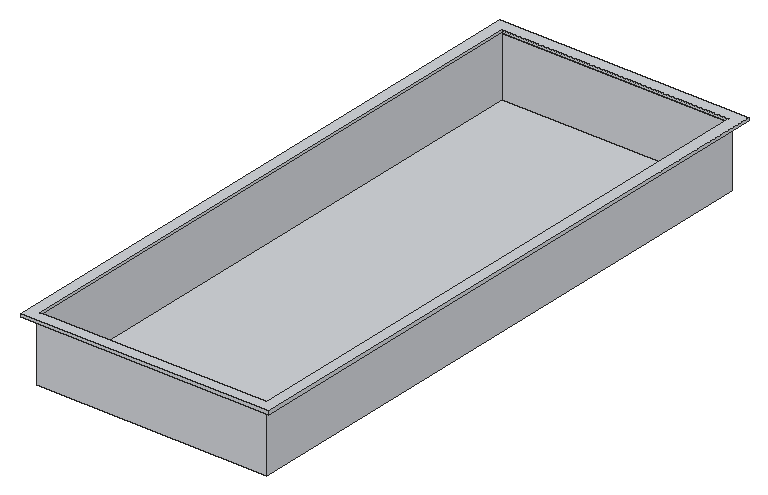
Revit family "Hager-Volta-IP30-Flush_mounted-vuoto-CH-it", category Electrical Equipment, host Face, Revit 2020
Family settings
  Host = Face
  Panel Configuration = Two Columns, Circuits Across
  Round Connector Dimension = Use Diameter
  Part Type = Panelboard
  Cut with Voids When Loaded = No
  Shared = No
  Room Calculation Point = No
Parameters (values of type "incassato  L348 A880 P94.5 12 Unità di divisione - VU60NK")
  Width Control [instance] = if([HG000006 - Ad incasso], if([EF000846 - larghezza di montaggio] > min_whd, [EF000846 - larghezza di montaggio], min_whd), if([EF000008 - Larghezza] > min_whd, ([EF000008 - Larghezza]), min_whd))  # 335 mm
  Void Depth [instance] = if([HG000006 - Ad incasso], Depth Control, 1 mm)  # 90 mm
  Type Comments = [HG000003 - Gamma]  # "Volta"
  System Height [instance] = Height Control - 2 * [HG000005 - Spessore]  # 840 mm
  Model = [HG000004 - Codice produttore]  # "VU60NK"
  HG000017 - Distanza tra i poli = 18 mm
  HG000016 - Visibilità delle porte nella vista 3D [instance] = yes
  HG000015 - Visibilità attraverso la porta [instance] = no
  HG000014 - Porta destra [instance] = yes
  HG000013 - Porta sinistra [instance] = not([HG000014 - Porta destra])  # no
  HG000012 - Angolo di apertura della porta [instance] = 45.00°
  HG000011 - File vuote nella parte basse = no
  HG000010 - Porte asimmetriche = no
  HG000009 - Porta doppia a battente = no
  HG000008 - Numero di file vuote = 0
  HG000007 - Numero di colonne vuote = 0
  HG000006 - Ad incasso = yes
  HG000005 - Spessore = 3 mm  # constant formula
  HG000004 - Codice produttore = "VU60NK"
  HG000003 - Gamma = "Volta"
  HG000002 - Con porta = no
  HG000001 - Numero di colonne = 0
  EF015941 - Segnale di passaggio porta = no
  EF015777 - Morsettiera neutra = no
  EF015776 - Morsettiera di terra = no
  EF009212 - esecuzione coperchio = "EV000116 - chiuso"
  EF006306 - con serratura = no
  EF006244 - coperchio/porta trasparente = no
  EF005474 - grado di protezione (IP) = ""
  EF004462 - tipo di chiusura = ""
  EF002950 - Numero moduli DIN = 12
  EF001596 - Attacco Lampada = "EV000139 - plastica"
  EF001134 - barra DIN = no
  EF001131 - profondità interna = 92 mm
  EF001088 - possibilità di applicazione = yes
  EF001062 - esecuzione EMC = yes
  EF000846 - larghezza di montaggio = 335 mm
  EF000339 - tipo di copertura = ""
  EF000332 - Altezza della parte incassata = 846 mm
  EF000266 - numero di file = 5
  EF000218 - profondità di incasso = 90 mm
  EF000118 - con piastra di montaggio = no
  EF000116 - numero RAL = "7035"
  EF000049 - profondità = 94 mm
  EF000040 - Altezza = 880 mm
  EF000008 - Larghezza = 348 mm
  EF000007 - colore = "EV000270 - grigio"
  EF000003 - Tipo di montaggio = "EV000383 - incassato"
  Arrow Offset [instance] = Depth Control / 8  # 11.25 mm
  Arrow Height [instance] = Depth Control - Arrow Offset  # 78.75 mm
  Host Offset [instance] = if([HG000006 - Ad incasso], 0 mm, [EF000049 - profondità])  # 0 mm
  min_whd [instance] = (2 * [HG000005 - Spessore]) + 1 mm  # 7 mm
  Manufacturer = "Hager"  # constant formula
  Height Control [instance] = if([HG000006 - Ad incasso], if([EF000332 - Altezza della parte incassata] > min_whd, [EF000332 - Altezza della parte incassata], min_whd), if([EF000040 - Altezza] > min_whd, ([EF000040 - Altezza]), min_whd))  # 846 mm
  Flush Mounted - Door Frame Width [instance] = if(([EF000040 - Altezza] - [EF000332 - Altezza della parte incassata]) > 0 mm, if([HG000006 - Ad incasso], [EF000040 - Altezza] - [EF000332 - Altezza della parte incassata], 0 mm), 0 mm)  # 34 mm
  Depth Control [instance] = if([HG000006 - Ad incasso], if([EF000218 - profondità di incasso] > 0 mm, [EF000218 - profondità di incasso], 1 mm), if([EF000049 - profondità] > 0 mm, ([EF000049 - profondità]), 1 mm))  # 90 mm
  Default Elevation = 0 mm
Types (5, lengths in mm): name | System Height | Model | HG000004 - Codice produttore | EF000332 - Altezza della parte incassata | EF000266 - numero di file | EF000040 - Altezza | EF000008 - Larghezza | Height Control | Flush Mounted - Door Frame Width
  incassato  L330 A355 P94.5 12 Unità di divisione - VU12NK | 340 | "VU12NK" | "VU12NK" | 346 | 1 | 355 | 330 | 346 | 9
  incassato  L330 A484 P94.5 12 Unità di divisione - VU24NK | 465 | "VU24NK" | "VU24NK" | 471 | 2 | 484 | 330 | 471 | 13
  incassato  L330 A609 P94.5 12 Unità di divisione - VU36NK | 590 | "VU36NK" | "VU36NK" | 596 | 3 | 609 | 330 | 596 | 13
  incassato  L330 A734 P94.5 12 Unità di divisione - VU48NK | 715 | "VU48NK" | "VU48NK" | 721 | 4 | 734 | 330 | 721 | 13
  incassato  L348 A880 P94.5 12 Unità di divisione - VU60NK | 840 | "VU60NK" | "VU60NK" | 846 | 5 | 880 | 348 | 846 | 34
Reference planes
  plane 1 "Center (Front/Back)": y = 0
  plane 2: z = 0
  plane 3 "Center (Left/Right)": x = 0
  plane 4: z = 0
  plane 5: y = 37
  plane 6: z = -5
  plane 7: y = 457
  plane 8: y = 34
  plane 9: y = 880
  plane 10: z = -90
  plane 11: x = -167.5
  plane 12: x = 167.5
  plane 13: x = 164.5
  plane 14: x = -164.5
  plane 15: y = 877
  plane 16: z = -87
  plane 17: z = -3
  plane 18: z = -90
  plane 19: z = -3
Forms (mm)
  Extrusion 1, solid
    sketch origin (-583.045, 34, 1219.2) x (-1, 0, 0) y (0, 0, 1)
      loop
        line (-415.545, -1219.2) -> (-750.545, -1219.2) -> (-750.545, -1309.2) -> (-415.545, -1309.2) -> (-415.545, -1219.2)
    from 0 to 846 <- "Height Control"
  Extrusion 2, void
    sketch origin (-381.607, -4572, 0) x (0, -1, 0) y (-1, 0, 0)
      loop
        line (-5449, -217.107) -> (-5449, -546.107) -> (-4609, -546.107) -> (-4609, -217.107) -> (-5449, -217.107)
    from 0 to 87
  Extrusion 3, void
    sketch origin (0, 0, 0) x (1, 0, 0) y (0, 1, 0)
      loop
        line (-167.5, 34) -> (167.5, 34) -> (167.5, 880) -> (-167.5, 880) -> (-167.5, 34)
    from -90 to 1
  Extrusion 4, solid, detail levels coarse+medium
    sketch origin (-381.607, -4572, 0) x (-1, 0, 0) y (0, -1, 0)
      loop
        line (-217.107, -5449) -> (-217.107, -4609) -> (-546.107, -4609) -> (-546.107, -5449) -> (-217.107, -5449)
    from 0 to -3
Cuts and joins
  Extrusion 2 cuts Extrusion 1
Dimensions and locks
  plane 4 to plane 6 = 5 mm
  "Host Offset": plane 4 to host face
  "Flush Mounted - Door Frame Width": plane 1 "Center (Front/Back)" to plane 8
  "HG000005 - Spessore": plane 5 to plane 8
  locked: connector elem to plane 3 "Center (Left/Right)"
  "Height Control": plane 9 to plane 8
  equal spacing: plane 9, plane 7, plane 8
  locked: connector elem to plane 7
  "Depth Control": plane 4 to plane 10
  "HG000005 - Spessore": plane 11 to plane 14
  "HG000005 - Spessore": plane 12 to plane 13
  equal spacing: plane 11, plane 3 "Center (Left/Right)", plane 12
  "Width Control": plane 11 to plane 12
  "Arrow Offset": nested 4 to plane 10
  "HG000005 - Spessore": plane 9 to plane 15
  "HG000005 - Spessore": plane 16 to plane 10
  "HG000005 - Spessore": plane 4 to plane 17
  "Void Depth": plane 2 to plane 18
  "HG000005 - Spessore": plane 4 to plane 19
  aligned and locked: plane 2 to host face
  aligned and locked: level to host face
  aligned and locked: plane 3 "Center (Left/Right)" to nested 2
  aligned and locked: plane 4 to nested 2
  aligned and locked: nested 2 to plane 8
  aligned and locked: nested 1 to plane 6
  aligned and locked: plane 5 to nested 1
  aligned and locked: nested 4 to plane 11
  aligned and locked: nested 3 to plane 4
  aligned and locked: Extrusion 1 sketch curve to plane 12
  aligned and locked: Extrusion 1 sketch curve to plane 11
  aligned and locked: nested 3 to plane 10
  aligned and locked: plane 10 to Extrusion 1 sketch curve
  aligned and locked: plane 5 to Extrusion 2 sketch curve
  aligned and locked: Extrusion 2 sketch curve to plane 15
  aligned and locked: Extrusion 2 sketch curve to plane 14
  aligned and locked: Extrusion 2 sketch curve to plane 13
  aligned and locked: plane 11 to Extrusion 3 sketch curve
  aligned and locked: plane 9 to Extrusion 3 sketch curve
  aligned and locked: Extrusion 3 sketch curve to plane 8
  aligned and locked: plane 12 to Extrusion 3 sketch curve
  aligned and locked: nested 3 to plane 12
  aligned and locked: Extrusion 3 to plane 18
  aligned and locked: Extrusion 2 to plane 16
  aligned and locked: Extrusion 1 sketch curve to plane 4
  aligned and locked: Extrusion 4 to plane 17
  aligned and locked: Extrusion 4 sketch curve to plane 15
  aligned and locked: Extrusion 4 sketch curve to plane 13
  aligned and locked: Extrusion 4 sketch curve to plane 14
  aligned and locked: plane 5 to Extrusion 4 sketch curve
Automatic sketch dimensions
  host sketch curve to host sketch curve = 1469.727 mm
  host sketch curve to host sketch curve = 1434.803 mm
Nested families
  nested 1: "Hager_Enclosure_System" at (0, 37, -5) x (1, 0, 0) z (0, 1, 0), Depth <- "HG000005 - Spessore", Height <- "System Height", Width <- "EF000008 - Larghezza", Border <- "HG000005 - Spessore", Flush_Mounted <- "HG000006 - Ad incasso", Built-in_Width <- "EF000846 - larghezza di montaggio", Row_Module_Multiplicator <- "EF002950 - Numero moduli DIN", Total_No_Empty_Rows <- "HG000008 - Numero di file vuote", Total_No_Rows <- "EF000266 - numero di file", Empty_Columns <- "HG000007 - Numero di colonne vuote", Width_Control <- "Width Control", Empty_Rows_From_Bottom <- "HG000011 - File vuote nella parte basse", Distance_Between_Poles <- "HG000017 - Distanza tra i poli", Rows_Count <- "EF000266 - numero di file", Columns_Count <- "HG000001 - Numero di colonne", type "Hager_Enclosure_System", detail levels fine
    with Width_Control 335 mm, Width 348 mm, Total_No_Rows 5, Total_No_Empty_Rows 0, Total_No_Columns 1, System_Width 329 mm, Rows_Count 5, Rows_Column 5, Row_Module_Multiplicator 12, Panel_4 no, Panel_3 no, Panel_2 no, Panel_1 no, No_Panels_Ctrl 1, Hide_Columns yes, Height 840 mm, Flush_Mounted yes, Empty_Rows_From_Bottom no, Empty_Rows_Column 0, Empty_Columns 0, Distance_Between_Poles 18 mm, Depth 3 mm, Columns_Count 0, Column_Width 329 mm, Built-in_Width 335 mm, Border 3 mm
  nested 2: "Hager_Enclosure_Door" at (0, 34, 0) x (1, 0, 0) z (0, 1, 0), Border <- "HG000005 - Spessore", Door_Right <- "HG000014 - Porta destra", Flush_Mounted <- "HG000006 - Ad incasso", Depth <- "EF000049 - profondità", Width <- "EF000008 - Larghezza", Door_Left <- "HG000013 - Porta sinistra", 3d_Door <- "HG000016 - Visibilità delle porte nella vista 3D", BuiltIn_Width <- "EF000846 - larghezza di montaggio", BuiltIn_Height <- "EF000332 - Altezza della parte incassata", BuiltIn_Depth <- "EF000218 - profondità di incasso", Angle <- "HG000012 - Angolo di apertura della porta", Assymetrical <- "HG000010 - Porte asimmetriche", Double <- "HG000009 - Porta doppia a battente", Clearance <- "HG000015 - Visibilità attraverso la porta", Transparent <- "EF006244 - coperchio/porta trasparente", Door <- "HG000002 - Con porta", Height_Ctrl <- "Height Control", Width_Ctrl <- "Width Control", Height <- "EF000040 - Altezza", type "Hager_Enclosure_Door", detail levels medium+fine
    with min_wh 7 mm, Width_Ctrl 335 mm, Width 348 mm, Transparent_Door_No_Bottom_Border no, Transparent no, Leaf_Width 326 mm, Leaf_Tolerance 1.5 mm, Leaf_Height 837 mm, Leaf_2_Width 326 mm, Leaf_2_Offset 163 mm, Leaf_1_Width 326 mm, Leaf_1_Offset 163 mm, Height_Ctrl 846 mm, Height 880 mm, Frame_Width_Ctrl 13 mm, Frame_Width 13 mm, Frame_Internal_Offset 3 mm, Frame_Height_Ctrl 34 mm, Frame_Height 34 mm, Frame_Depth_Ctrl 4 mm, Frame_Depth 4 mm, Flush_Mounted yes, Double_Clearance_Ctrl no, Double no, Door_Right_Ctrl no, Door_Right yes, Door_Left_Ctrl no, Door_Left no, Door no, Depth 94 mm, Clearance_Depth 326 mm, Clearance_Ctrl no, Clearance no, BuiltIn_Width 335 mm, BuiltIn_Height 846 mm, BuiltIn_Depth 90 mm, Border 3 mm, Assymetrical no, Angle 45.00°, 3d_Door yes
  nested 3: "Hager_Enclosure_Symbol_Triangle" at (-167.5, 0, -90) x (1, 0, 0) z (0, -1, 0), Depth <- "Depth Control", Width <- "Width Control", type "Hager_Enclosure_Symbol_Triangle"
    with Width_Ctrl 335 mm, Width 335 mm, Depth_Ctrl 90 mm, Depth 90 mm
  nested 4: "Hager_Enclosure_Symbol_Arrow" at (-167.5, 0, -78.75) x (1, 0, 0) z (0, -1, 0), Height <- "Arrow Height", type "Hager_Enclosure_Symbol_Arrow"
    with Width_Inside 5.906 mm, Width 70.875 mm, Height_Ctrl 78.75 mm, Height 78.75 mm
Connectors
  electrical at (0, 457, -90)
    settings: on plane 10, index 1, voltage 0 V, apparent load 0 VA, apparent load phase1 0 VA, apparent load phase2 0 VA, apparent load phase3 0 VA, power factor 1, load classification "Other", number of poles 1, system type 30, power factor state 1, is connector primary yes, connector utility no, sub classification motor no, connector description ""
Definition of nested family "Hager_Enclosure_Door"
  Parameters (values of type "Hager_Enclosure_Door")
    min_wh [instance] = (2 * Border) + 1 mm  # 11 mm
    Width_Ctrl [instance] = 400 mm
    Width [instance] = 500 mm
    Transparent_Door_No_Bottom_Border [instance] = no
    Transparent [instance] = yes
    Leaf_Width [instance] = if((Width_Ctrl - 2 * Border - 2 * Leaf_Tolerance) > 0 mm, (Width_Ctrl - 2 * Border - 2 * Leaf_Tolerance), min_wh)  # 387 mm
    Leaf_Tolerance [instance] = 1.5 mm  # constant formula
    Leaf_Height [instance] = if((Height_Ctrl - 2 * Border - 2 * Leaf_Tolerance) > 0 mm, (Height_Ctrl - 2 * Border - 2 * Leaf_Tolerance), min_wh)  # 387 mm
    Leaf_2_Width [instance] = if(and(and(Double, Assymetrical), Door_Left), (Leaf_Width / 3) - (Leaf_Tolerance / 2), if(and(and(Double, Assymetrical), Door_Right), (Leaf_Width / 3) * 2 - (Leaf_Tolerance / 2), if(and(Double, not(Assymetrical)), (Leaf_Width / 2) - Leaf_Tolerance, Leaf_Width)))  # 387 mm
    Leaf_2_Offset [instance] = if(and(Double, Assymetrical), Leaf_2_Width / 2, if(and(Double, not(Assymetrical)), Leaf_Width / 4, Leaf_Width / 2))  # 193.5 mm
    Leaf_1_Width [instance] = if(and(and(Double, Assymetrical), Door_Right), (Leaf_Width / 3) - (Leaf_Tolerance / 2), if(and(and(Double, Assymetrical), Door_Left), (Width / 3) * 2 - (Leaf_Tolerance / 2), if(and(Double, not(Assymetrical)), (Leaf_Width / 2) - Leaf_Tolerance, Leaf_Width)))  # 387 mm
    Leaf_1_Offset [instance] = if(and(Double, Assymetrical), Leaf_1_Width / 2, if(and(Double, not(Assymetrical)), Leaf_Width / 4, Leaf_Width / 2))  # 193.5 mm
    Height_Ctrl [instance] = 400 mm
    Height [instance] = 500 mm
    Frame_Width_Ctrl [instance] = if(Frame_Width > 0 mm, Frame_Width, 1 mm)  # 1 mm
    Frame_Width [instance] = Width - BuiltIn_Width  # 0 mm
    Frame_Internal_Offset [instance] = if(Flush_Mounted, Border, 0 mm)  # 5 mm
    Frame_Height_Ctrl [instance] = if(Frame_Height > 0 mm, Frame_Height, 1 mm)  # 1 mm
    Frame_Height [instance] = Height - BuiltIn_Height  # 0 mm
    Frame_Depth_Ctrl [instance] = if(Frame_Depth > 0 mm, Frame_Depth, 1 mm)  # 1 mm
    Frame_Depth [instance] = if(Depth - BuiltIn_Depth > 0 mm, if(Flush_Mounted, Depth - BuiltIn_Depth, 0 mm), 0 mm)  # 0 mm
    Flush_Mounted [instance] = yes
    Double_Clearance_Ctrl [instance] = and(Double, Clearance)  # no
    Double [instance] = no
    Door_Right_Ctrl [instance] = and(or(Door_Right, Double), Door)  # yes
    Door_Right [instance] = yes
    Door_Left_Ctrl [instance] = and(or(Door_Left, Double), Door)  # no
    Door_Left [instance] = no
    Door [instance] = yes
    Depth [instance] = 500 mm
    Default Elevation = 1219.2 mm
    Clearance_Material = none
    Clearance_Depth [instance] = if(Leaf_1_Width > Leaf_2_Width, Leaf_1_Width, Leaf_2_Width)  # 387 mm
    Clearance_Ctrl [instance] = and(not(Double), Clearance)  # yes
    Clearance [instance] = yes
    BuiltIn_Width [instance] = 500 mm
    BuiltIn_Height [instance] = 500 mm
    BuiltIn_Depth [instance] = 500 mm
    Border [instance] = 5 mm
    Assymetrical [instance] = yes
    Angle [instance] = 30.00°
    3d_Door [instance] = yes
  Reference planes
    plane 1 "Center (Front/Back)": y = 0
    plane 2 "Bottom": z = 0
    plane 3 "Center (Left/Right)": x = 0
    plane 4: z = 400
    plane 5: x = -200
    plane 6: x = 200
    plane 7: z = 395
    plane 8: x = -195
    plane 9: z = 5
    plane 10: x = 195
    plane 11: y = 0
    plane 12: z = 6.5
    plane 13: x = -582
    plane 14: y = -387
    plane 15: x = 582
    plane 16: x = 0
    plane 17: x = 0
    plane 18: x = -193.5
    plane 19: x = 193.5
    plane 20: z = 393.5
  Forms (mm)
    Extrusion 1, solid, visible <- "Flush_Mounted"
      sketch origin (0, 0, 0) x (1, 0, 0) y (0, 0, 1)
        loop
          line (195, 5) -> (195, 395) -> (-195, 395) -> (-195, 5) -> (195, 5)
        loop
          line (-201, 401) -> (-201, -1) -> (201, -1) -> (201, 401) -> (-201, 401)
      from 0 to 1 <- "Frame_Depth_Ctrl"
    Extrusion 2, solid, material <- "Clearance_Material", visible <- "Double_Clearance_Ctrl"
      sketch origin (1200, 0, 0) x (1, 0, 0) y (0, 0, -1)
        loop
          line (-1782, -393.5) -> (-618, -393.5) -> (-618, 0) -> (-1782, 0) -> (-1782, -393.5)
      from 0 to -387
  Dimensions and locks
    equal spacing: plane 5, plane 3 "Center (Left/Right)", plane 6
    "Width_Ctrl": plane 5 to plane 6
    "Border": plane 5 to plane 8
    "Border": plane 6 to plane 10
    "Border": plane 9 to level
    "Border": plane 4 to plane 7
    "Height_Ctrl": plane 4 to level
    "Leaf_Tolerance": plane 12 to plane 9
    "Frame_Depth": plane 11 to plane 1 "Center (Front/Back)"
    "Frame_Width_Ctrl": plane 5 to Extrusion 1 sketch curve
    "Frame_Width_Ctrl": plane 6 to Extrusion 1 sketch curve
    "Frame_Width_Ctrl": Extrusion 1 sketch curve to plane 4
    "Frame_Width_Ctrl": plane 2 "Bottom" to Extrusion 1 sketch curve
    "Leaf_1_Offset": plane 18 to plane 16
    "Leaf_2_Offset": plane 17 to plane 19
    "Leaf_1_Width": plane 13 to plane 8
    "Leaf_2_Width": plane 10 to plane 15
    "Clearance_Depth": plane 14 to plane 1 "Center (Front/Back)"
    "Leaf_Tolerance": plane 8 to plane 18
    "Leaf_Tolerance": plane 19 to plane 10
    "Leaf_Tolerance": plane 7 to plane 20
    "Frame_Internal_Offset": plane 5 to Extrusion 1 sketch curve
    "Frame_Internal_Offset": Extrusion 1 sketch curve to plane 2 "Bottom"
    "Frame_Internal_Offset": plane 6 to Extrusion 1 sketch curve
    "Frame_Internal_Offset": plane 4 to Extrusion 1 sketch curve
    aligned and locked: level to plane 2 "Bottom"
    aligned and locked: nested 1 to plane 16
    aligned and locked: nested 2 to plane 17
    aligned and locked: Extrusion 2 to plane 13
    aligned and locked: plane 15 to Extrusion 2
    aligned and locked: Extrusion 2 to plane 14
    aligned and locked: plane 12 to nested 1
    aligned and locked: nested 2 to plane 12
    aligned and locked: Extrusion 2 to plane 11
    aligned and locked: plane 20 to Extrusion 2
    aligned and locked: nested 2 to plane 11
    aligned and locked: nested 1 to plane 11
  Automatic sketch dimensions
    Extrusion 2 sketch curve to level = 0 mm
    plane 5 to Extrusion 2 sketch curve = 382 mm
    plane 6 to Extrusion 2 sketch curve = 382 mm
    Extrusion 2 sketch curve to plane 4 = 6.5 mm
  Nested families
    nested 1: "Hager_Enclosure_Door_Leaf" at (0, 0, 6.5), Width <- "Leaf_1_Width", visible <- "Door_Left_Ctrl", Leaf_Height <- "Leaf_Height", Angle <- "Angle", Depth <- "Border", 3d_Door <- "3d_Door", Transparent <- "Transparent", Clearance Material <- "Clearance_Material", Clearance <- "Clearance_Ctrl", Transparent_Door_No_Bottom_Border <- "Transparent_Door_No_Bottom_Border", type "Hager_Enclosure_Door_Leaf"
      with Width 387 mm, Transparent_Door_No_Bottom_Border no, Transparent_Door_Border_Bottom_Top 25 mm, Transparent_Door_Border 25 mm, Transparent_Ctrl yes, Transparent yes, Standard no, Leaf_Height 387 mm, Glass_Offset 1 mm, Depth 5 mm, Clearance Material none, Clearance yes, Angle_Ctrl 30.00°, Angle 30.00°, 3d_Door yes
    nested 2: "Hager_Enclosure_Door_Leaf" at (0, 0, 6.5) x (-1, 0, 0) z (0, 0, 1), Width <- "Leaf_2_Width", visible <- "Door_Right_Ctrl", Leaf_Height <- "Leaf_Height", Angle <- "Angle", Depth <- "Border", 3d_Door <- "3d_Door", Transparent <- "Transparent", Clearance Material <- "Clearance_Material", Clearance <- "Clearance_Ctrl", Transparent_Door_No_Bottom_Border <- "Transparent_Door_No_Bottom_Border", type "Hager_Enclosure_Door_Leaf"
      with Width 387 mm, Transparent_Door_No_Bottom_Border no, Transparent_Door_Border_Bottom_Top 25 mm, Transparent_Door_Border 25 mm, Transparent_Ctrl yes, Transparent yes, Standard no, Leaf_Height 387 mm, Glass_Offset 1 mm, Depth 5 mm, Clearance Material none, Clearance yes, Angle_Ctrl 30.00°, Angle 30.00°, 3d_Door yes
  Definition of nested family "Hager_Enclosure_Door_Leaf"
    Parameters (values of type "Hager_Enclosure_Door_Leaf")
      Width [instance] = 2000 mm
      Transparent_Door_No_Bottom_Border [instance] = yes
      Transparent_Door_Border_Bottom_Top [instance] = if(Transparent_Door_No_Bottom_Border, 0.1 mm, Transparent_Door_Border)  # 0.1 mm
      Transparent_Door_Border [instance] = if(Transparent_Door_No_Bottom_Border, (Width * 0.12), 25 mm)  # 240 mm
      Transparent_Ctrl [instance] = and(Transparent, [3d_Door])  # yes
      Transparent [instance] = yes
      Standard [instance] = and(not(Transparent), [3d_Door])  # no
      Leaf_Height [instance] = 2720.336 mm
      Glass_Offset [instance] = if((Depth - 10 mm) / 2 > 0 mm, (Depth - 10 mm) / 2, 1 mm)  # 15 mm
      Glass_Material = none
      Depth [instance] = 40 mm
      Default Elevation = 0 mm
      Clearance Material [instance] = none
      Clearance [instance] = yes
      Angle_Ctrl [instance] = if(Angle > 170.00°, 170.00°, Angle)  # 45.00°
      Angle [instance] = 45.00°
      3d_Door [instance] = yes
    Reference planes
      plane 1 "Center (Front/Back)": y = 0
      plane 2: z = 0
      plane 3 "Center (Left/Right)": x = 0
      plane 4: y = 2000
      plane 5: x = -1000
      plane 6: x = 1000
      plane 7: x = -3000
      plane 8: z = 2720.336
      plane 9: z = 0.1
      plane 10: z = 2720.236
      plane 11: x = 760
      plane 12: x = -760
    Forms (mm)
      Extrusion 1, solid, material <- "Clearance Material", visible <- "Clearance"
        sketch origin (0, 0, 0) x (1, 0, 0) y (0, 0, 1)
          loop
            line (-3000, 2720.336) -> (-3000, 0) -> (1000, 0) -> (1000, 2720.336) -> (-3000, 2720.336)
        from 0 to -2000
      Extrusion 2, solid, visible <- "Standard", detail levels medium+fine
        sketch origin (-1000, 0, 0) x (0.707107, 0.707107, 0) y (-0.707107, 0.707107, 0)
          loop
            line (0, -40) -> (2000, -40) -> (2000, 0) -> (0, 0) -> (0, -40)
        from 0 to 2720.336 <- "Leaf_Height"
      Extrusion 3, solid, visible <- "Transparent_Ctrl", detail levels medium+fine
        sketch origin (-1000, 0, 0) x (0.707107, 0.707107, 0) y (-0.707107, 0.707107, 0)
          loop
            line (0, -40) -> (2000, -40) -> (2000, 0) -> (0, 0) -> (0, -40)
        from 0 to 2720.336 <- "Leaf_Height"
      Extrusion 4, void, detail levels medium+fine
        sketch origin (-1000, 0, 0) x (-0.707107, 0.707107, 0) y (0.707107, 0.707107, 0)
          loop
            line (0, 240) -> (0, 1760) -> (-40, 1760) -> (-40, 240) -> (0, 240)
        from -2720.236 to -0.1
      Extrusion 5, solid, material <- "Glass_Material", visible <- "Transparent_Ctrl", detail levels medium+fine
        sketch origin (-1000, 0, 0) x (0.707107, 0.707107, 0) y (-0.707107, 0.707107, 0)
          loop
            line (240, -15) -> (240, -25) -> (1760, -25) -> (1760, -15) -> (240, -15)
        from 0.1 to 2720.236
    Cuts and joins
      Extrusion 4 cuts Extrusion 3
    Lines and regions (mm)
      symbolic lines
        curve 1: line (1000, 0, 0) -> (-3000, 0, 0)
        curve 2: arc (1000, 0, 0) -> (-1000, 2000, 0) -> (-3000, 0, 0) r 2000
        curve 4: line (-1000, 0, 0) -> (414.214, 1414.214, 0)
      reference lines
        curve 3: line (-1000, 0, 0) -> (414.214, 1414.214, 0)
      symbolic lines, detail levels medium+fine
        curve 5: line (414.214, 1414.214, 0) -> (442.498, 1385.929, 0)
        curve 6: line (442.498, 1385.929, 0) -> (-971.716, -28.284, 0)
        curve 7: line (-971.716, -28.284, 0) -> (-1000, 0, 0)
        curve 8: line (-1000, 0, 2720.336) -> (1000, 0, 2720.336)
        curve 9: line (-1000, 0, 0) -> (-1000, 0, 2720.336)
        curve 10: line (1000, 0, 0) -> (-1000, 0, 0)
        curve 11: line (1000, 0, 2720.336) -> (1000, 0, 0)
      symbolic lines, visible <- "Transparent_Ctrl", detail levels medium+fine
        curve 12: line (-760, 0, 2720.236) -> (760, 0, 2720.236)
        curve 13: line (-760, 0, 0.1) -> (-760, 0, 2720.236)
        curve 14: line (760, 0, 0.1) -> (-760, 0, 0.1)
        curve 15: line (760, 0, 2720.236) -> (760, 0, 0.1)
    Dimensions and locks
      "Width": plane 1 "Center (Front/Back)" to plane 4
      equal spacing: plane 5, plane 3 "Center (Left/Right)", plane 6
      "Width": plane 5 to plane 6
      "Width": plane 7 to plane 5
      "Leaf_Height": plane 8 to level
      "Depth": curve 6 to curve 3
      "Width": curve 5 to curve 3
      "Width": curve 3 to curve 3
      "Transparent_Door_Border": Extrusion 4 sketch curve to curve 7
      "Transparent_Door_Border": Extrusion 4 sketch curve to curve 5
      "Transparent_Door_Border_Bottom_Top": plane 8 to plane 10
      "Transparent_Door_Border_Bottom_Top": plane 9 to level
      "Glass_Offset": Extrusion 5 sketch curve to curve 4
      "Glass_Offset": Extrusion 5 sketch curve to curve 6
      "Transparent_Door_Border": Extrusion 5 sketch curve to curve 5
      "Transparent_Door_Border": Extrusion 5 sketch curve to curve 7
      "Transparent_Door_Border": plane 12 to plane 5
      "Transparent_Door_Border": plane 6 to plane 11
      "Angle_Ctrl": angle plane 1 "Center (Front/Back)" to curve 3
      aligned and locked: level to plane 2
      aligned and locked: Extrusion 1 to curve 1
      aligned and locked: plane 6 to Extrusion 1
      aligned and locked: Extrusion 1 to plane 1 "Center (Front/Back)"
      aligned and locked: plane 4 to Extrusion 1
      aligned and locked: plane 8 to Extrusion 1
      aligned and locked: curve 4 to curve 3
      aligned and locked: Extrusion 2 sketch curve to curve 7
      aligned and locked: Extrusion 2 sketch curve to curve 6
      aligned and locked: Extrusion 2 sketch curve to curve 5
      aligned and locked: Extrusion 2 sketch curve to curve 3
      aligned and locked: curve 7 to Extrusion 3 sketch curve
      aligned and locked: Extrusion 3 sketch curve to curve 4
      aligned and locked: Extrusion 3 sketch curve to curve 6
      aligned and locked: Extrusion 3 sketch curve to curve 5
      aligned and locked: curve 4 to Extrusion 4 sketch curve
      aligned and locked: curve 6 to Extrusion 4 sketch curve
      aligned and locked: Extrusion 4 to plane 9
      aligned and locked: Extrusion 4 to plane 10
      aligned and locked: Extrusion 5 to plane 9
      aligned and locked: Extrusion 5 to plane 10
      aligned and locked: curve 8 to plane 8
      aligned and locked: plane 5 to curve 9
      aligned and locked: plane 2 to curve 10
      aligned and locked: curve 11 to plane 6
      aligned and locked: plane 10 to curve 12
      aligned and locked: plane 12 to curve 13
      aligned and locked: curve 14 to plane 9
      aligned and locked: plane 11 to curve 15
    Automatic sketch dimensions
      plane 1 "Center (Front/Back)" to curve 2 = 0 mm
      curve 2 to plane 5 = 0 mm
      Extrusion 1 sketch curve to level = 0 mm
      Extrusion 1 sketch curve to plane 7 = 0 mm
      Extrusion 1 sketch curve to plane 6 = 0 mm
      Extrusion 1 sketch curve to plane 8 = 0 mm
      plane 1 "Center (Front/Back)" to curve 3 = 0 mm
      curve 3 to plane 5 = 0 mm
      curve 7 to curve 3 = 0 mm
Definition of nested family "Hager_Enclosure_Symbol_Triangle"
  Parameters (values of type "Hager_Enclosure_Symbol_Triangle")
    Width_Ctrl [instance] = if(Width > 1 mm, Width, 1 mm)  # 498 mm
    Width [instance] = 498 mm
    Depth_Ctrl [instance] = if(Depth > 1 mm, Depth, 1 mm)  # 72 mm
    Depth [instance] = 72 mm
  Reference planes
    plane 1 "Centre (avant/arrière)": y = 0
    plane 2: z = 0
    plane 3 "Centre (gauche/droite)": x = 0
  Lines and regions (mm)
    Filled region 1, type "Solid_Black", in view "Niveau de réf."
      outline origin (0, 0, 0) x (1, 0, 0) y (0, 1, 0)
        loop
          line (0, 0) -> (498, 0) -> (498, 72) -> (0, 0)
    reference lines, in view "Niveau de réf."
      curve 1: line (-206.153, 72, 0) -> (1083.258, 72, 0)
      curve 2: line (498, 405.456, 0) -> (498, -517.619, 0)
  Dimensions and locks
    "Depth_Ctrl": plane 1 "Centre (avant/arrière)" to curve 1
    "Width_Ctrl": plane 3 "Centre (gauche/droite)" to curve 2
    aligned and locked: curve 1 to Filled region 1 sketch curve
    aligned and locked: Filled region 1 sketch curve to plane 1 "Centre (avant/arrière)"
    aligned and locked: curve 2 to Filled region 1 sketch curve
    aligned and locked: plane 3 "Centre (gauche/droite)" to Filled region 1 sketch curve
    aligned and locked: plane 1 "Centre (avant/arrière)" to Filled region 1 sketch curve
  Automatic sketch dimensions
    curve 1 to plane 3 "Centre (gauche/droite)" = 206.153 mm
    curve 2 to curve 1 = 585.258 mm
    plane 1 "Centre (avant/arrière)" to curve 2 = 517.619 mm
    curve 2 to plane 1 "Centre (avant/arrière)" = 405.456 mm
Definition of nested family "Hager_Enclosure_Symbol_Arrow"
  Parameters (values of type "Hager_Enclosure_Symbol_Arrow")
    Width_Inside [instance] = if(Width / 12 > 2 mm, Width / 12, 2 mm)  # 4.987 mm
    Width [instance] = if(Height_Ctrl * 0.9 > 2 mm, Height_Ctrl * 0.9, 2 mm)  # 59.85 mm
    Height_Ctrl [instance] = if(Height > 2 mm, Height, 2 mm)  # 66.5 mm
    Height [instance] = 66.5 mm
  Reference planes
    plane 1 "Centre (avant/arrière)": y = 0
    plane 2: z = 0
    plane 3 "Centre (gauche/droite)": x = 0
    plane 4: x = 59.85
    plane 5: y = 28.263
    plane 6: y = 38.238
    plane 7: y = 66.5
    plane 8: x = 29.925
    plane 9: y = 33.25
  Lines and regions (mm)
    Filled region 1, type "Solid_Black", in view "Niveau de réf."
      outline origin (0, 0, 0) x (1, 0, 0) y (0, 1, 0)
        loop
          line (59.85, 66.5) -> (37.929, 52.827) -> (51.846, 41.935) -> (59.85, 66.5)
    detail lines, in view "Niveau de réf."
      curve 1: line (0, 0, 0) -> (29.925, 38.238, 0)
      curve 2: line (29.925, 38.238, 0) -> (29.925, 28.263, 0)
      curve 3: line (29.925, 28.263, 0) -> (59.85, 66.5, 0)
  Dimensions and locks
    "Width": plane 3 "Centre (gauche/droite)" to plane 4
    "Height_Ctrl": plane 7 to plane 1 "Centre (avant/arrière)"
    equal spacing: plane 3 "Centre (gauche/droite)", plane 8, plane 4
    equal spacing: plane 7, plane 9, plane 1 "Centre (avant/arrière)"
    equal spacing: plane 6, plane 9, plane 5
    "Width_Inside": plane 6 to plane 9
    equal spacing: curve 3, Filled region 1 sketch curve, Filled region 1 sketch curve
    angle Filled region 1 sketch curve to curve 3 = 20.00°
    angle curve 3 to Filled region 1 sketch curve = 20.00°
    locked: curve 3 to Filled region 1 sketch curve (angle 90.00°)
  Automatic sketch dimensions
    plane 1 "Centre (avant/arrière)" to curve 1 = 0 mm
    curve 1 to plane 3 "Centre (gauche/droite)" = 0 mm
    curve 2 to plane 6 = 0 mm
    curve 3 to plane 8 = 0 mm
    curve 3 to plane 4 = 0 mm
    curve 2 to plane 5 = 0 mm
    curve 3 to plane 7 = 0 mm
    Filled region 1 sketch curve to plane 4 = 0 mm
    Filled region 1 sketch curve to plane 7 = 0 mm
